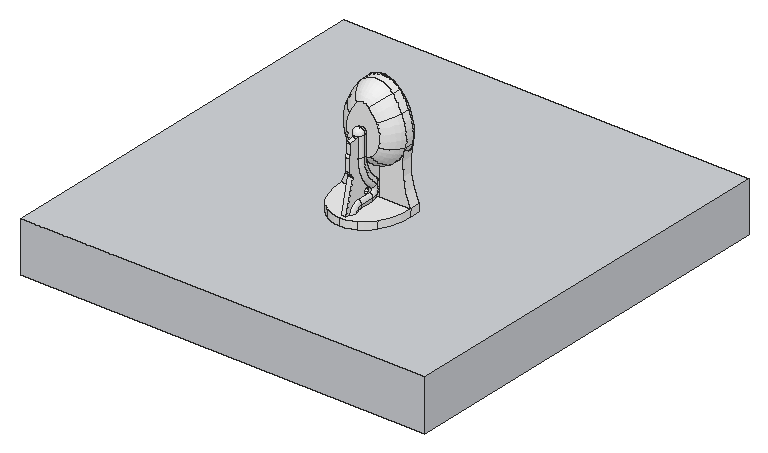
Revit family
Parameters (values of type "Vitreous_China-0-White")
  Width = 1' - 4 1/2"
  Waste Connection = yes
  Valve Pressure Drop = 0.00 psi
  URL = "http://www.us.kohler.com"
  Top of Toilet to Finished Floor = 1' - 3"
  Spud = Chrome-Kohler-CP-Polished
  Seat = "Order Separately"  # constant formula
  Sanitary Radius = 1 1/4"
  Sanitary Diameter = Sanitary Radius * 2  # 2 1/2"
  Sanitary Connector = "Sanitary Connection"  # constant formula
  Product Page URL = "http://www.us.kohler.com/onlinecatalog/detail.jsp?prod_num=4323-L"
  Product Documentation Link = "http://www.us.kohler.com/onlinecatalog/pdf/1119268_4.pdf"
  Model = "K-4323-L"  # constant formula
  Manufacturer = "Kohler"  # constant formula
  Length = 2' - 2 1/2"
  Height = 1' - 1 1/4"
  Flush Rate = 1.28 GPM
  Finish = Vitreous_China-Kohler-0-White
  Description = "Kingston™ 1.28 Toilet Bowl with Rear Spud and bedpan lugs\r\n"  # constant formula
  Default Elevation = 0' - 0"
  Created By = "http://www.medialab3dstudio.com/"
  Cold Water Radius = 3/4"
  Cold Water Diameter = Cold Water Radius * 2  # 1 1/2"
  Cold Water Connector = "Cold Water Connector"  # constant formula
  CWFU = 0
  CW Connection = yes
  Assembly Code = "D2010110"
  Actual Valve Water Flow = 0 GPM
  ADA Compliant = yes
Reference planes (in)
  plane 1 "Top": y = 0
  plane 2 "Back": z = 0
  plane 3 "Center (Left/Right)": x = 0
  plane 4 "Left": x = -8.25
  plane 5 "Right": x = 8.25
  plane 6 "Center (Top/Bottom)": y = -6.625
  plane 7 "Bottom of Toilet": y = -13.25
  plane 8 "Front": z = 26.5625
  plane 9 "Center (Front/Back)": z = 13.3125
  plane 10 "Toilet Offset": z = 0.0625
  plane 11: y = -6.28121
  plane 12: y = -6.14168
  plane 13: z = 23.3296
  plane 14: z = 20.39426
  plane 15: z = 14.67575
  plane 16: z = 11.23743
  plane 17: x = -2.30359
  plane 18: x = 2.30359
  plane 19: x = -4.20983
  plane 20: x = 4.20983
  plane 21: x = -4.81086
  plane 22: x = 4.81086
  plane 23: x = -2.31278
  plane 24: x = 2.31278
  plane 25: z = 14.24386
  plane 26: z = 1.6875
  plane 27: y = -2.30334
  plane 28: y = 1.71956
  plane 29: x = -1
  plane 30: x = -0.5
  plane 31: x = 0.5
  plane 32: x = 1
  plane 33: y = 0.71956
  plane 34: y = 1.21956
  plane 35: y = 2.21956
  plane 36: y = 2.71956
  plane 37: z = -0.79878
  plane 38: z = -1.39323
  plane 39: z = -1.92448
  plane 40: x = -2.09693
  plane 41: y = 1.54122
  plane 42: x = -0.5
  plane 43: x = 0.5
  plane 44: y = -7.48796
  plane 45: z = 17.22993
  plane 46: y = -12.3124
  plane 47: x = -6.27859
  plane 48: x = -3.62694
  plane 49: x = 3.62694
  plane 50: x = 6.27859
  plane 51: y = -9.66075
  plane 52: x = 6.72668
  plane 53: x = -6.72668
  plane 54: y = 3.62878
  plane 55: z = 9.08201
  plane 56: z = 8.5634
  plane 57: z = 9.86879
  plane 58: z = 10.33642
  plane 59: z = 13.98218
  plane 60: z = 16.39735
  plane 61: z = 16.49937
  plane 62: z = 17.22993
  plane 63: z = 11.78462
  plane 64: y = -5.87419
  plane 65: z = 4.40794
  plane 66: y = -12.1155
  plane 67: y = -10.10687
  plane 68: y = -10.2456
  plane 69: y = -10.42442
  plane 70: y = -10.89667
  plane 71: y = -10.51003
  plane 72: z = 1.1875
  plane 73: z = 2.6875
  plane 74: z = 5.36778
  plane 75: z = 12.65074
  plane 76: y = -7.48796
  plane 77: y = -3.88771
  plane 78: y = -5.12344
  plane 79: y = -8.5
  plane 80: y = -10
  plane 81: y = -10
  plane 82: z = 17.22993
  plane 83: y = -8.73796
  plane 84: y = -6.23796
  plane 85: x = -1.25
  plane 86: x = 1.25
  plane 87: x = 1
  plane 88: x = 0.75
  plane 89: x = -0.75
  plane 90: x = -1
  plane 91: x = -1.25
  plane 92: x = -0.32597
  plane 93: x = 0.32597
  plane 94: z = 26.46032
  plane 95: z = 23.23909
  plane 96: z = 17.5559
  plane 97: z = 16.49937
  plane 98: z = 16.39735
  plane 99: z = 26.222
  plane 100: x = -6.86529
  plane 101: x = -7.22069
  plane 102: x = -7.11861
  plane 103: x = -3.89721
  plane 104: x = 3.89721
  plane 105: x = 7.11861
  plane 106: x = 7.22069
  plane 107: x = 6.86529
  plane 108: y = -0.3554
  plane 109: x = -4.0527
  plane 110: x = -4.11543
  plane 111: x = -4.21925
  plane 112: x = -5.1097
  plane 113: x = -4.20482
  plane 114: x = -6.17578
  plane 115: z = 12.24626
  plane 116: z = 11.87159
  plane 117: z = 12.46397
  plane 118: z = 12.907
  plane 119: z = 12.77851
  plane 120: z = 13.3069
  plane 121: x = 4.0527
  plane 122: x = 4.11543
  plane 123: x = 4.21925
  plane 124: x = 5.1097
  plane 125: x = 4.20482
  plane 126: x = 6.17578
  plane 127: z = 12.24626
  plane 128: z = 11.87159
  plane 129: z = 12.46397
  plane 130: z = 12.907
  plane 131: z = 12.77851
  plane 132: z = 13.3069
  plane 133: y = -0.71872
  plane 134: y = -2.71254
  plane 135: z = 14.79962
  plane 136: z = 20.02508
  plane 137: y = 0.46956
  plane 138: y = 0.71956
  plane 139: y = 0.96956
  plane 140: y = 2.46956
  plane 141: y = 2.71956
  plane 142: y = 2.96956
  plane 143: z = 2.14995
  plane 144 "Bottom": y = -15
Forms (in)
  Extrusion 1, solid
    sketch origin (0, 0, 0) x (1, 0, 0) y (0, 1, 0)
      loop
        line (-48, 48) -> (-48, -48) -> (48, -48) -> (48, 48) -> (-48, 48)
    from 0 to -12
  Sweep 2, solid, material "Vitreous_China-Kohler-0-White" <- "Finish"
    path origin (0, 0, -0.29434) x (1, 0, 0) y (0, 0, 1)
      loop
        arc (4.81086, 14.9701) -> (4.98123, 17.87884) -> (4.20983, 20.6886) r 8.96533
        arc (4.20983, 20.6886) -> (3.36315, 22.22539) -> (2.30359, 23.62395) r 12.12865
        arc (2.30359, 23.62395) -> (0, 24.66657) -> (-2.30359, 23.62395) r 3.06609
        arc (-2.30359, 23.62395) -> (-3.36315, 22.22539) -> (-4.20983, 20.6886) r 12.12865
        arc (-4.20983, 20.6886) -> (-4.98123, 17.87884) -> (-4.81086, 14.9701) r 8.96533
        arc (-4.81086, 14.9701) -> (-3.91621, 12.99345) -> (-2.31278, 11.53178) r 5.37321
        arc (-2.31278, 11.53178) -> (0, 10.89681) -> (2.31278, 11.53178) r 4.5295
        arc (2.31278, 11.53178) -> (3.91621, 12.99345) -> (4.81086, 14.9701) r 5.37321
    profile origin (4.98123, 0, 17.5845) x (-0.994522, 0, -0.104528) y (0, -1, 0)
      loop
        line (-1.83672, 0) -> (-0.46172, 0)
        arc (-0.46172, 0) -> (-0.37333, 0.03661) -> (-0.33672, 0.125) r 0.125
        line (-0.33672, 0.125) -> (-0.33672, 0.5) -> (-0.46172, 0.5) -> (-0.46172, 0.1243) -> (-1.83685, 0.1243)
        arc (-1.83685, 0.1243) -> (-1.99817, 0.19112) -> (-2.06499, 0.35244) r 0.22814
        line (-2.06499, 0.35244) -> (-1.96389, 2.28462)
        arc (-1.96389, 2.28462) -> (-0.83518, 4.55024) -> (1.13314, 6.14168) r 5.95017
        line (1.13314, 6.14168) -> (1.13314, 6.28121)
        arc (1.13314, 6.28121) -> (-0.91686, 4.64808) -> (-2.08808, 2.30334) r 6.07517
        line (-2.08808, 2.30334) -> (-2.19027, 0.35355)
        arc (-2.19027, 0.35355) -> (-2.08672, 0.10355) -> (-1.83672, 0) r 0.35355
  Extrusion 3, solid, material "Vitreous_China-Kohler-0-White" <- "Finish"
    sketch origin (0, 0, 0) x (1, 0, 0) y (0, 0, 1)
      loop
        arc (-1.45225, 22.58179) -> (-2.41282, 21.3139) -> (-3.18039, 19.92068) r 10.99551
        arc (-3.18039, 19.92068) -> (-3.8543, 17.46605) -> (-3.70547, 14.92495) r 7.83219
        arc (-3.70547, 14.92495) -> (-2.99949, 13.36515) -> (-1.73419, 12.21172) r 4.24007
        arc (-1.73419, 12.21172) -> (0, 11.73561) -> (1.73419, 12.21172) r 3.39636
        arc (1.73419, 12.21172) -> (2.99949, 13.36515) -> (3.70547, 14.92495) r 4.24007
        arc (3.70547, 14.92495) -> (3.8543, 17.46605) -> (3.18039, 19.92068) r 7.83219
        arc (3.18039, 19.92068) -> (2.41282, 21.3139) -> (1.45225, 22.58179) r 10.99551
        arc (1.45225, 22.58179) -> (0, 23.23909) -> (-1.45225, 22.58179) r 1.93296
    from 6.14168 to 6.28121
  Extrusion 4, solid, material "Vitreous_China-Kohler-0-White" <- "Finish"
    sketch origin (0, 0, 0) x (1, 0, 0) y (0, 0, 1)
      loop
        arc (3.31555, 9.54884) -> (0, 8.63858) -> (-3.31555, 9.54884) r 6.49339
        arc (-3.31555, 9.54884) -> (-5.50504, 11.54476) -> (-6.72668, 14.24386) r 7.3371
        arc (-6.72668, 14.24386) -> (-6.40271, 7.83398) -> (-8.25, 1.6875) r 18.8332
        line (-8.25, 1.6875) -> (-8.25, 0.0625) -> (8.25, 0.0625) -> (8.25, 1.6875)
        arc (8.25, 1.6875) -> (6.40271, 7.83398) -> (6.72668, 14.24386) r 18.8332
        arc (6.72668, 14.24386) -> (5.50504, 11.54476) -> (3.31555, 9.54884) r 7.3371
    from 0 to 2.30334
  Extrusion 5, solid, material "Vitreous_China-Kohler-0-White" <- "Finish"
    sketch origin (0, 0, 0) x (1, 0, 0) y (0, 1, 0)
      loop
        arc (-8.25, -2.30334) -> (-7.7394, -6.10935) -> (-6.27859, -9.66075) r 14.99019
        arc (-6.27859, -9.66075) -> (-5.13063, -11.16444) -> (-3.62694, -12.3124) r 7.11394
        arc (-3.62694, -12.3124) -> (-1.87308, -13.01181) -> (0, -13.25) r 7.48388
        arc (0, -13.25) -> (1.87308, -13.01181) -> (3.62694, -12.3124) r 7.48388
        arc (3.62694, -12.3124) -> (5.13063, -11.16444) -> (6.27859, -9.66075) r 7.11394
        arc (6.27859, -9.66075) -> (7.7394, -6.10935) -> (8.25, -2.30334) r 14.99019
        line (8.25, -2.30334) -> (-8.25, -2.30334)
    from 0.0625 to 1.6875
  Extrusion 6, solid, material "Chrome-Kohler-CP-Polished" <- "Spud"
    sketch origin (0, 0, 0) x (1, 0, 0) y (0, 1, 0)
      loop
        arc (-0.75, 1.71956) -> (-0.53033, 1.18923) -> (0, 0.96956) r 0.75
        arc (0, 0.96956) -> (0.53033, 1.18923) -> (0.75, 1.71956) r 0.75
        arc (0.75, 1.71956) -> (0.53033, 2.24989) -> (0, 2.46956) r 0.75
        arc (0, 2.46956) -> (-0.53033, 2.24989) -> (-0.75, 1.71956) r 0.75
    from -1.92448 to -1.39323
  Extrusion 7, solid, material "Chrome-Kohler-CP-Polished" <- "Spud"
    sketch origin (0, 0, 0) x (1, 0, 0) y (0, 1, 0)
      loop
        line (0.5, 2.71956) -> (-0.5, 2.71956) -> (-1, 2.21956) -> (-1, 1.21956) -> (-0.5, 0.71956) -> (0.5, 0.71956) -> (1, 1.21956) -> (1, 2.21956) -> (0.5, 2.71956)
    from -1.39323 to -0.79878
  Extrusion 8, solid, material "Chrome-Kohler-CP-Polished" <- "Spud"
    sketch origin (0, 0, 0) x (1, 0, 0) y (0, 1, 0)
      loop
        arc (-1.25, 1.71956) -> (-0.88388, 0.83568) -> (0, 0.46956) r 1.25
        arc (0, 0.46956) -> (0.88388, 0.83568) -> (1.25, 1.71956) r 1.25
        arc (1.25, 1.71956) -> (0.88388, 2.60344) -> (0, 2.96956) r 1.25
        arc (0, 2.96956) -> (-0.88388, 2.60344) -> (-1.25, 1.71956) r 1.25
    from -0.79878 to 0.0625
  Revolve 9, solid, material "Vitreous_China-Kohler-0-White" <- "Finish"
    sketch origin (0, 0, 0.0625) x (1, 0, 0) y (0, 1, 0)
      loop
        line (0, 0) -> (0, 3.62878)
        arc (0, 3.62878) -> (-1.48218, 3.02066) -> (-2.09693, 1.54122) r 2.08758
        line (-2.09693, 1.54122) -> (-2.09693, 0) -> (0, 0)
      axis (0, 3.62878) -> (0, 0)
    angle from 0 to -180
  Extrusion 10, solid, material "Vitreous_China-Kohler-0-White" <- "Finish"
    sketch origin (0, 0, 0) x (0, 1, 0) y (0, 0, 1)
      loop
        line (-12.1155, 1.6875) -> (-2.30334, 1.6875) -> (-2.30334, 8.5634)
        arc (-2.30334, 8.5634) -> (-4.64024, 9.7443) -> (-6.28121, 11.78462) r 6.19947
        line (-6.28121, 11.78462) -> (-6.28121, 17.22993) -> (-10.42442, 16.49937)
        arc (-10.42442, 16.49937) -> (-10.48579, 16.46393) -> (-10.51003, 16.39735) r 0.10359
        line (-10.51003, 16.39735) -> (-10.51003, 13.98218)
        arc (-10.51003, 13.98218) -> (-10.7933, 13.69927) -> (-10.89667, 13.3125) r 0.77158
        line (-10.89667, 13.3125) -> (-10.89667, 10.33642)
        arc (-10.89667, 10.33642) -> (-10.7597, 10.00576) -> (-10.42904, 9.86879) r 0.46763
        line (-10.42904, 9.86879) -> (-10.2456, 9.86879)
        arc (-10.2456, 9.86879) -> (-10.1998, 9.47125) -> (-10.10687, 9.08201) r 3.3458
        line (-10.10687, 9.08201) -> (-12.1155, 1.6875)
      loop
        arc (-6.62419, 4.40794) -> (-6.40452, 3.87761) -> (-5.87419, 3.65794) r 0.75
        arc (-5.87419, 3.65794) -> (-5.34386, 3.87761) -> (-5.12419, 4.40794) r 0.75
        arc (-5.12419, 4.40794) -> (-5.34386, 4.93827) -> (-5.87419, 5.15794) r 0.75
        arc (-5.87419, 5.15794) -> (-6.40452, 4.93827) -> (-6.62419, 4.40794) r 0.75
    from -0.5 to 0.5
  Sweep 11, solid, material "Vitreous_China-Kohler-0-White" <- "Finish"
    path origin (0, 0, 0) x (0, 1, 0) y (0, 0, 1)
      loop
        line (-10, 0) -> (-10, 1.1875)
        arc (-10, 1.1875) -> (-9.56066, 2.24816) -> (-8.5, 2.6875) r 1.5
        line (-8.5, 2.6875) -> (-5.12344, 2.6875)
        arc (-5.12344, 2.6875) -> (-3.64773, 3.63213) -> (-3.88771, 5.36778) r 1.625
        arc (-3.88771, 5.36778) -> (-6.53875, 8.58862) -> (-7.48796, 12.65074) r 9.16651
        line (-7.48796, 12.65074) -> (-7.48796, 17.22993)
    profile origin (0, -10, 0.59375) x (0, -1, 0) y (1, 0, 0)
      loop
        arc (0, -1.25) -> (0.88388, -0.88388) -> (1.25, 0) r 1.25
        arc (1.25, 0) -> (0.88388, 0.88388) -> (0, 1.25) r 1.25
        arc (0, 1.25) -> (-0.88388, 0.88388) -> (-1.25, 0) r 1.25
        arc (-1.25, 0) -> (-0.88388, -0.88388) -> (0, -1.25) r 1.25
  Revolve 12, solid, material "Vitreous_China-Kohler-0-White" <- "Finish"
    sketch origin (0, 0, 17.22993) x (1, 0, 0) y (0, 1, 0)
      loop
        arc (0, -6.23796) -> (-0.88388, -6.60408) -> (-1.25, -7.48796) r 1.25
        arc (-1.25, -7.48796) -> (-0.88388, -8.37184) -> (0, -8.73796) r 1.25
        line (0, -8.73796) -> (0, -6.23796)
      axis (0, -6.23796) -> (0, -8.73796)
    angle from 0 to -180
  Extrusion 13, solid, material "Vitreous_China-Kohler-0-White" <- "Finish"
    sketch origin (-0.39767, -11.95076, 10.83251) x (-0.99863, 0, -0.052336) y (-0.050553, -0.258819, 0.964602)
      loop
        line (3.72794, 1.6679) -> (5.71581, 1.38734)
        arc (5.71581, 1.38734) -> (5.70981, 4.03663) -> (4.98564, 6.58503) r 9.67831
        arc (4.98564, 6.58503) -> (4.9755, 4.84829) -> (4.75953, 3.125) r 14.62374
        arc (4.75953, 3.125) -> (4.69519, 2.95311) -> (4.57608, 2.81348) r 0.52991
        line (4.57608, 2.81348) -> (3.70778, 2.35179)
        arc (3.70778, 2.35179) -> (3.64268, 2.2942) -> (3.61082, 2.21332) r 0.18617
        line (3.61082, 2.21332) -> (3.56464, 1.88474)
        arc (3.56464, 1.88474) -> (3.6014, 1.74251) -> (3.72794, 1.6679) r 0.192
    from 11.32856 to 12
  Extrusion 14, solid, material "Vitreous_China-Kohler-0-White" <- "Finish"
    sketch origin (0.39767, -11.95076, 10.83251) x (0.99863, 0, -0.052336) y (-0.050553, 0.258819, -0.964602)
      loop
        arc (3.72794, -1.6679) -> (3.6014, -1.74251) -> (3.56464, -1.88474) r 0.192
        line (3.56464, -1.88474) -> (3.61082, -2.21332)
        arc (3.61082, -2.21332) -> (3.64268, -2.2942) -> (3.70778, -2.35179) r 0.18617
        line (3.70778, -2.35179) -> (4.57608, -2.81348)
        arc (4.57608, -2.81348) -> (4.69519, -2.95311) -> (4.75953, -3.125) r 0.52991
        arc (4.75953, -3.125) -> (4.9755, -4.84829) -> (4.98564, -6.58503) r 14.62374
        arc (4.98564, -6.58503) -> (5.70981, -4.03663) -> (5.71581, -1.38734) r 9.67831
        line (5.71581, -1.38734) -> (3.72794, -1.6679)
    from 11.32856 to 12
Cuts and joins
  joined: Sweep 2, Extrusion 3
Lines and regions (in)
  Masking region 1, detail levels coarse
    outline origin (0, 0, 0) x (1, 0, 0) y (0, 0, 1)
      loop
        line (8.25, 26.5625) -> (-8.25, 26.5625) -> (-8.25, 0.0625) -> (8.25, 0.0625) -> (8.25, 26.5625)
  Masking region 2, detail levels medium+fine
    outline origin (0, -6.625, 0) x (1, 0, 0) y (0, 0, 1)
      loop
        arc (5.99398, 21.21503) -> (5.01021, 23.00066) -> (3.77908, 24.62567) r 14.09254
        arc (3.77908, 24.62567) -> (0, 26.33612) -> (-3.77908, 24.62567) r 5.02999
        arc (-3.77908, 24.62567) -> (-5.01021, 23.00066) -> (-5.99398, 21.21503) r 14.09254
        arc (-5.99398, 21.21503) -> (-6.93437, 17.78978) -> (-6.72668, 14.24386) r 10.92922
        arc (-6.72668, 14.24386) -> (-6.40271, 7.83398) -> (-8.25, 1.6875) r 18.8332
        line (-8.25, 1.6875) -> (-8.25, 0.0625) -> (-1.25, 0.0625) -> (-1.25, -0.79878) -> (-1, -0.79878) -> (-1, -1.39323) -> (-0.75, -1.39323) -> (-0.75, -1.92448) -> (0.75, -1.92448) -> (0.75, -1.39323) -> (1, -1.39323) -> (1, -0.79878) -> (1.25, -0.79878) -> (1.25, 0.0625) -> (8.25, 0.0625) -> (8.25, 1.6875)
        arc (8.25, 1.6875) -> (6.40271, 7.83398) -> (6.72668, 14.24386) r 18.8332
        arc (6.72668, 14.24386) -> (6.93437, 17.78978) -> (5.99398, 21.21503) r 10.92922
  Masking region 3, detail levels fine
    outline origin (0, 0, 0) x (1, 0, 0) y (0, 0, 1)
      loop
        arc (4.51572, 20.53498) -> (3.64554, 22.11444) -> (2.55657, 23.55182) r 12.46536
        arc (2.55657, 23.55182) -> (0, 24.70895) -> (-2.55657, 23.55182) r 3.40281
        arc (-2.55657, 23.55182) -> (-3.64554, 22.11444) -> (-4.51572, 20.53498) r 12.46536
        arc (-4.51572, 20.53498) -> (-5.3161, 17.61969) -> (-5.13934, 14.60171) r 9.30205
        arc (-5.13934, 14.60171) -> (-4.18862, 12.50119) -> (-2.48471, 10.94792) r 5.70992
        arc (-2.48471, 10.94792) -> (0, 10.26575) -> (2.48471, 10.94792) r 4.86621
        arc (2.48471, 10.94792) -> (4.18862, 12.50119) -> (5.13934, 14.60171) r 5.70992
        arc (5.13934, 14.60171) -> (5.3161, 17.61969) -> (4.51572, 20.53498) r 9.30205
  Masking region 4, detail levels fine
    outline origin (0, 0, 0) x (1, 0, 0) y (0, 0, 1)
      loop
        arc (1.45225, 22.58179) -> (0, 23.23909) -> (-1.45225, 22.58179) r 1.93296
        arc (-1.45225, 22.58179) -> (-2.41282, 21.3139) -> (-3.18039, 19.92068) r 10.99551
        arc (-3.18039, 19.92068) -> (-3.8543, 17.46605) -> (-3.70547, 14.92495) r 7.83219
        arc (-3.70547, 14.92495) -> (-2.99949, 13.36515) -> (-1.73419, 12.21172) r 4.24007
        arc (-1.73419, 12.21172) -> (0, 11.73561) -> (1.73419, 12.21172) r 3.39636
        arc (1.73419, 12.21172) -> (2.99949, 13.36515) -> (3.70547, 14.92495) r 4.24007
        arc (3.70547, 14.92495) -> (3.8543, 17.46605) -> (3.18039, 19.92068) r 7.83219
        arc (3.18039, 19.92068) -> (2.41282, 21.3139) -> (1.45225, 22.58179) r 10.99551
  Masking region 5, detail levels coarse
    outline origin (0, 0, 0) x (1, 0, 0) y (0, 1, 0)
      loop
        line (-8.25, 0) -> (-8.25, -13.25) -> (8.25, -13.25) -> (8.25, 0) -> (-8.25, 0)
  Masking region 6, detail levels medium+fine
    outline origin (0, 0, 13.3125) x (-1, 0, 0) y (0, -1, 0)
      loop
        arc (6.27859, 9.66075) -> (5.13063, 11.16444) -> (3.62694, 12.3124) r 7.11394
        arc (3.62694, 12.3124) -> (1.87308, 13.01181) -> (0, 13.25) r 7.48388
        arc (0, 13.25) -> (-1.87308, 13.01181) -> (-3.62694, 12.3124) r 7.48388
        arc (-3.62694, 12.3124) -> (-5.13063, 11.16444) -> (-6.27859, 9.66075) r 7.11394
        arc (-6.27859, 9.66075) -> (-7.7394, 6.10935) -> (-8.25, 2.30334) r 14.99019
        line (-8.25, 2.30334) -> (-8.25, 0) -> (-2.09693, 0) -> (-2.09693, -1.54122)
        arc (-2.09693, -1.54122) -> (-1.48218, -3.02066) -> (0, -3.62878) r 2.08758
        arc (0, -3.62878) -> (1.48218, -3.02066) -> (2.09693, -1.54122) r 2.08758
        line (2.09693, -1.54122) -> (2.09693, 0) -> (8.25, 0) -> (8.25, 2.30334)
        arc (8.25, 2.30334) -> (7.7394, 6.10935) -> (6.27859, 9.66075) r 14.99019
  Masking region 7, detail levels fine
    outline origin (0, 0, 26.5625) x (-1, 0, 0) y (0, -1, 0)
      loop
        line (7.22069, 0.3554) -> (7.11861, 2.30334)
        arc (7.11861, 2.30334) -> (5.94543, 4.6466) -> (3.89721, 6.28121) r 6.09873
        line (3.89721, 6.28121) -> (-3.89721, 6.28121)
        arc (-3.89721, 6.28121) -> (-5.94543, 4.6466) -> (-7.11861, 2.30334) r 6.09873
        line (-7.11861, 2.30334) -> (-7.22069, 0.3554)
        arc (-7.22069, 0.3554) -> (-7.1166, 0.10409) -> (-6.86529, 0) r 0.3554
        line (-6.86529, 0) -> (6.86529, 0)
        arc (6.86529, 0) -> (7.1166, 0.10409) -> (7.22069, 0.3554) r 0.3554
  Masking region 8, detail levels fine
    outline origin (0, 0, 26.5625) x (-1, 0, 0) y (0, -1, 0)
      loop
        arc (0, 8.73796) -> (-0.88388, 8.37184) -> (-1.25, 7.48796) r 1.25
        arc (-1.25, 7.48796) -> (-0.99246, 6.72802) -> (-0.32597, 6.28121) r 1.25
        line (-0.32597, 6.28121) -> (0.32597, 6.28121)
        arc (0.32597, 6.28121) -> (0.99246, 6.72802) -> (1.25, 7.48796) r 1.25
        arc (1.25, 7.48796) -> (0.88388, 8.37184) -> (0, 8.73796) r 1.25
  Masking region 9, detail levels fine
    outline origin (0, 0, 0) x (1, 0, 0) y (0, 1, 0)
      loop
        arc (-0.75, 1.71956) -> (-0.53033, 1.18923) -> (0, 0.96956) r 0.75
        arc (0, 0.96956) -> (0.53033, 1.18923) -> (0.75, 1.71956) r 0.75
        arc (0.75, 1.71956) -> (0.53033, 2.24989) -> (0, 2.46956) r 0.75
        arc (0, 2.46956) -> (-0.53033, 2.24989) -> (-0.75, 1.71956) r 0.75
  Masking region 10, detail levels fine
    outline origin (0, 0, 0) x (1, 0, 0) y (0, 1, 0)
      loop
        line (-1, 2.21956) -> (-1, 1.21956) -> (-0.5, 0.71956) -> (0.5, 0.71956) -> (1, 1.21956) -> (1, 2.21956) -> (0.5, 2.71956) -> (-0.5, 2.71956) -> (-1, 2.21956)
  Masking region 11, detail levels fine
    outline origin (0, 0, 0) x (1, 0, 0) y (0, 1, 0)
      loop
        arc (0, 2.96956) -> (-0.88388, 2.60344) -> (-1.25, 1.71956) r 1.25
        arc (-1.25, 1.71956) -> (-0.88388, 0.83568) -> (0, 0.46956) r 1.25
        arc (0, 0.46956) -> (0.88388, 0.83568) -> (1.25, 1.71956) r 1.25
        arc (1.25, 1.71956) -> (0.88388, 2.60344) -> (0, 2.96956) r 1.25
  Masking region 12, detail levels medium+fine
    outline origin (0, 0, 0) x (0, 1, 0) y (0, 0, 1)
      loop
        arc (-10.2456, 9.86879) -> (-10.1998, 9.47125) -> (-10.10687, 9.08201) r 3.3458
        line (-10.10687, 9.08201) -> (-12.1155, 1.6875) -> (-13.25, 1.6875) -> (-13.25, 0.0625) -> (0.46956, 0.0625) -> (0.46956, -0.79878) -> (0.71956, -0.79878) -> (0.71956, -1.39323) -> (0.96956, -1.39323) -> (0.96956, -1.92448) -> (2.46956, -1.92448) -> (2.46956, -1.39323) -> (2.71956, -1.39323) -> (2.71956, -0.79878) -> (2.96956, -0.79878) -> (2.96956, 0.0625) -> (3.6288, 0.0625)
        arc (3.6288, 0.0625) -> (3.08703, 1.48383) -> (1.71956, 2.14995) r 2.06766
        line (1.71956, 2.14995) -> (0, 2.14995) -> (0, 26.222)
        arc (0, 26.222) -> (-0.10437, 26.46743) -> (-0.35355, 26.5625) r 0.34074
        line (-0.35355, 26.5625) -> (-2.30334, 26.46032)
        arc (-2.30334, 26.46032) -> (-4.64733, 25.28816) -> (-6.28121, 23.23909) r 6.0869
        line (-6.28121, 23.23909) -> (-6.28121, 17.5559)
        arc (-6.28121, 17.5559) -> (-7.65238, 18.46907) -> (-8.73796, 17.22993) r 1.25
        line (-8.73796, 17.22993) -> (-8.73796, 16.79674) -> (-10.42442, 16.49937)
        arc (-10.42442, 16.49937) -> (-10.48579, 16.46393) -> (-10.51003, 16.39735) r 0.10359
        line (-10.51003, 16.39735) -> (-10.51003, 13.98218)
        arc (-10.51003, 13.98218) -> (-10.7933, 13.69927) -> (-10.89667, 13.3125) r 0.77158
        line (-10.89667, 13.3125) -> (-10.89667, 10.33642)
        arc (-10.89667, 10.33642) -> (-10.7597, 10.00576) -> (-10.42904, 9.86879) r 0.46763
        line (-10.42904, 9.86879) -> (-10.2456, 9.86879)
  Masking region 13, detail levels coarse
    outline origin (0, 0, 0) x (0, 1, 0) y (0, 0, 1)
      loop
        line (-13.25, 26.5625) -> (-13.25, 0.0625) -> (0, 0.0625) -> (0, 26.5625) -> (-13.25, 26.5625)
  Masking region 14, detail levels fine
    outline origin (0, 0, 0) x (1, 0, 0) y (0, 0, 1)
      loop
        arc (2.09693, 0.0625) -> (0, 2.15943) -> (-2.09693, 0.0625) r 2.09693
        line (-2.09693, 0.0625) -> (2.09693, 0.0625)
  Masking region 15, detail levels fine
    outline origin (0, 0, 0) x (1, 0, 0) y (0, 1, 0)
      loop
        arc (-1.25, -10) -> (-0.88388, -10.88388) -> (0, -11.25) r 1.25
        arc (0, -11.25) -> (0.88388, -10.88388) -> (1.25, -10) r 1.25
        arc (1.25, -10) -> (0.88388, -9.11612) -> (0, -8.75) r 1.25
        arc (0, -8.75) -> (-0.88388, -9.11612) -> (-1.25, -10) r 1.25
  symbolic lines, style "Masking Lines", detail levels fine
    curve 1: line (-1, 0, -0.79878) -> (1, 0, -0.79878)
    curve 2: line (-0.75, 0, -1.39323) -> (0.75, 0, -1.39323)
    curve 3: line (0.5, 0, -1.39323) -> (0.5, 0, -0.79878)
    curve 4: line (-0.5, 0, -1.39323) -> (-0.5, 0, -0.79878)
    curve 5: line (-1.25, 0, 0) -> (1.25, 0, 0)
    curve 6: line (-0.5, -8.63361, 26.5625) -> (-0.5, -12.1155, 26.5625)
    curve 7: line (-0.5, -12.1155, 26.5625) -> (0.5, -12.1155, 26.5625)
    curve 8: line (0.5, -12.1155, 26.5625) -> (0.5, -8.63361, 26.5625)
    curve 9: line (0.5, -10.51003, 26.5625) -> (-0.5, -10.51003, 26.5625)
    curve 10: line (0.5, -10.89667, 26.5625) -> (-0.5, -10.89667, 26.5625)
    curve 11: line (-0.5, -6.28121, 26.5625) -> (-0.5, -6.35356, 26.5625)
    curve 12: line (0.5, -6.28121, 26.5625) -> (0.5, -6.35363, 26.5625)
    curve 13: line (-1.25, 0, 0.0625) -> (1.25, 0, 0.0625)
    curve 14: arc (-0.5, -11.14564, 26.5625) -> (-1.04583, -10.68465, 26.5625) -> (-1.25, -10, 26.5625) r 1.25
    curve 15: arc (1.25, -10, 26.5625) -> (1.04583, -10.68465, 26.5625) -> (0.5, -11.14564, 26.5625) r 1.25
    curve 16: line (-1.25, -6.28121, 26.5625) -> (-1.25, -10, 26.5625)
    curve 17: line (1.25, -6.28121, 26.5625) -> (1.25, -10, 26.5625)
    curve 18: line (0, -12.1155, 1.6875) -> (0, -2.30334, 1.6875)
    curve 19: arc (0, -11.19895, 1.6875) -> (0, -10.30593, 3.26807) -> (0, -8.61646, 3.93243) r 2.71475
    curve 20: line (0, -8.61646, 3.93243) -> (0, -5.11646, 3.93243)
    curve 21: arc (0, -5.11646, 3.93243) -> (0, -4.80004, 4.10837) -> (0, -4.78253, 4.46999) r 0.3725
    curve 22: line (0, -8.73796, 16.79674) -> (0, -8.73796, 12.47176)
    curve 23: arc (0, -8.73796, 12.47176) -> (0, -7.69511, 8.00875) -> (0, -4.78253, 4.46999) r 10.07145
    curve 24: line (0, -6.28121, 17.5559) -> (0, -6.28121, 11.73561)
    curve 25: arc (0, -6.28121, 11.73561) -> (0, -4.64808, 9.68561) -> (0, -2.30334, 8.51439) r 6.07515
    curve 26: line (0, -2.30334, 26.46032) -> (0, -2.30334, 0.0625)
    curve 27: arc (0, -6.14168, 11.46769) -> (0, -5.11484, 8.56795) -> (0, -3.04163, 6.29535) r 7.75699
    curve 28: arc (0, -3.04163, 6.29535) -> (0, -2.57747, 5.65161) -> (0, -2.30334, 4.90682) r 2.92652
    curve 29: arc (0, -3.94497, 1.6875) -> (0, -2.88776, 2.5097) -> (0, -2.30334, 3.71475) r 2.94843
    curve 30: arc (0, -5.87419, 5.15794) -> (0, -6.40452, 4.93827) -> (0, -6.62419, 4.40794) r 0.75
    curve 31: arc (0, -6.62419, 4.40794) -> (0, -6.58041, 4.15544) -> (0, -6.45418, 3.93243) r 0.75
    curve 32: arc (0, -5.29421, 3.93243) -> (0, -5.16797, 4.15544) -> (0, -5.12419, 4.40794) r 0.75
    curve 33: arc (0, -5.12419, 4.40794) -> (0, -5.34386, 4.93827) -> (0, -5.87419, 5.15794) r 0.75
    curve 34: line (4.3818, 0, 16.00857) -> (5.27225, 0, 16.40847)
    curve 35: spline (4.27797, 0, 15.88008) -> (4.2813, 0, 15.89382) -> (4.28573, 0, 15.90726) -> (4.29124, 0, 15.92032) -> (4.2978, 0, 15.93292) -> (4.30536, 0, 15.94498) -> (4.31388, 0, 15.95642) -> (4.3233, 0, 15.96718) -> (4.33357, 0, 15.97719) -> (4.34463, 0, 15.98639) -> (4.3564, 0, 15.99472) -> (4.36882, 0, 16.00213) -> (4.3818, 0, 16.00857)
    curve 36: line (4.21525, 0, 15.56554) -> (4.27797, 0, 15.88008)
    curve 37: spline (4.20615, 0, 15.392) -> (4.20303, 0, 15.36795) -> (4.20318, 0, 15.34369) -> (4.20661, 0, 15.31966) -> (4.21325, 0, 15.29624) -> (4.22299, 0, 15.27386) -> (4.23567, 0, 15.25288) -> (4.25107, 0, 15.23367) -> (4.26892, 0, 15.21656) -> (4.28893, 0, 15.20184) -> (4.31074, 0, 15.18976) -> (4.33398, 0, 15.18052) -> (4.35827, 0, 15.17429)
    curve 38: line (4.35827, 0, 15.17429) -> (5.18485, 0, 15.00945)
    curve 39: spline (5.27225, 0, 16.40847) -> (5.27947, 0, 16.41373) -> (5.28659, 0, 16.41911) -> (5.29362, 0, 16.4246) -> (5.30055, 0, 16.43022) -> (5.30738, 0, 16.43594) -> (5.31411, 0, 16.44178) -> (5.32073, 0, 16.44773) -> (5.32724, 0, 16.45378) -> (5.33365, 0, 16.45995) -> (5.33994, 0, 16.46622) -> (5.34613, 0, 16.47259) -> (5.35219, 0, 16.47907)
    curve 40: line (4.21525, 0, 15.56554) -> (4.20615, 0, 15.392)
    curve 41: line (-4.3818, 0, 16.00857) -> (-5.27225, 0, 16.40847)
    curve 42: spline (-4.27797, 0, 15.88008) -> (-4.2813, 0, 15.89382) -> (-4.28573, 0, 15.90726) -> (-4.29124, 0, 15.92032) -> (-4.2978, 0, 15.93292) -> (-4.30536, 0, 15.94498) -> (-4.31388, 0, 15.95642) -> (-4.3233, 0, 15.96718) -> (-4.33357, 0, 15.97719) -> (-4.34463, 0, 15.98639) -> (-4.3564, 0, 15.99472) -> (-4.36882, 0, 16.00213) -> (-4.3818, 0, 16.00857)
    curve 43: line (-4.21525, 0, 15.56554) -> (-4.27797, 0, 15.88008)
    curve 44: spline (-4.20615, 0, 15.392) -> (-4.20303, 0, 15.36795) -> (-4.20318, 0, 15.34369) -> (-4.20661, 0, 15.31966) -> (-4.21325, 0, 15.29624) -> (-4.22299, 0, 15.27386) -> (-4.23567, 0, 15.25288) -> (-4.25107, 0, 15.23367) -> (-4.26892, 0, 15.21656) -> (-4.28893, 0, 15.20184) -> (-4.31074, 0, 15.18976) -> (-4.33398, 0, 15.18052) -> (-4.35827, 0, 15.17429)
    curve 45: line (-4.35827, 0, 15.17429) -> (-5.18485, 0, 15.00945)
    curve 46: spline (-5.27225, 0, 16.40847) -> (-5.27947, 0, 16.41373) -> (-5.28659, 0, 16.41911) -> (-5.29362, 0, 16.4246) -> (-5.30055, 0, 16.43022) -> (-5.30738, 0, 16.43594) -> (-5.31411, 0, 16.44178) -> (-5.32073, 0, 16.44773) -> (-5.32724, 0, 16.45378) -> (-5.33365, 0, 16.45995) -> (-5.33994, 0, 16.46622) -> (-5.34613, 0, 16.47259) -> (-5.35219, 0, 16.47907)
    curve 47: line (-4.21525, 0, 15.56554) -> (-4.20615, 0, 15.392)
    curve 48: line (0, 0.46956, 0.0625) -> (0, 2.96956, 0.0625)
    curve 49: line (0, 2.71956, -0.79878) -> (0, 0.71956, -0.79878)
    curve 50: line (0, 0.96956, -1.39323) -> (0, 2.46956, -1.39323)
    curve 51: line (0, 1.21956, -0.79878) -> (0, 1.21956, -1.39323)
    curve 52: line (0, 2.21956, -0.79878) -> (0, 2.21956, -1.39323)
Dimensions and locks (in)
  equal spacing: plane 7 "Bottom of Toilet", plane 6 "Center (Top/Bottom)", plane 1 "Top"
  equal spacing: plane 4 "Left", plane 3 "Center (Left/Right)", plane 5 "Right"
  "Width": plane 4 "Left" to plane 5 "Right"
  "Height": plane 7 "Bottom of Toilet" to plane 1 "Top"
  locked: plane 2 "Back" to plane 10 "Toilet Offset" at 0.0625
  equal spacing: plane 10 "Toilet Offset", plane 9 "Center (Front/Back)", plane 8 "Front"
  "Length": plane 10 "Toilet Offset" to plane 8 "Front"
  plane 4 "Left" to plane 21 to plane 19 to plane 17 = 0' - 3.43914" locked, 0' - 0.60104" locked, 0' - 1 29/32" locked
  plane 18 to plane 20 to plane 22 = 0' - 1 29/32" locked, 0' - 0.60104" locked
  plane 15 to plane 16 to plane 10 "Toilet Offset" = 0' - 3.43832" locked, 0' - 11.17493" locked
  plane 8 "Front" to plane 13 to plane 14 = 0' - 3.2329" locked, 0' - 2.93535" locked
  locked: plane 5 "Right" to plane 24 at 5.93722
  locked: plane 23 to plane 4 "Left" at 5.93722
  plane 10 "Toilet Offset" to plane 25 = 1' - 2.18136"
  locked: plane 10 "Toilet Offset" to plane 26 at 1.625
  locked: plane 1 "Top" to plane 27 at 2.30334
  plane 28 to plane 35 to plane 36 = 0' - 0 1/2" locked, 0' - 0 1/2" locked
  plane 1 "Top" to plane 33 to plane 34 = 0' - 0.71956" locked, 0' - 0 1/2" locked
  plane 31 to plane 32 to plane 5 "Right" = 0' - 0 1/2" locked, 0' - 7 1/4" locked
  plane 4 "Left" to plane 29 to plane 30 = 0' - 7 1/4" locked, 0' - 0 1/2" locked
  locked: plane 28 to plane 1 "Top" at 1.71956  (x2)
  plane 2 "Back" to plane 37 to plane 38 to plane 39 = 0' - 0.79878" locked, 0' - 0.59445" locked, 0' - 0 17/32" locked
  plane 7 "Bottom of Toilet" to plane 46 to plane 51 = 0' - 0.9376" locked, 0' - 2.65165" locked
  plane 4 "Left" to plane 47 to plane 48 = 0' - 1.97141" locked, 0' - 2.65165" locked
  plane 49 to plane 50 to plane 5 "Right" = 0' - 2.65165" locked, 0' - 1.97141" locked
  locked: plane 52 to plane 5 "Right" at 1.52332
  locked: plane 4 "Left" to plane 53 at 1.52332
  locked: plane 40 to plane 3 "Center (Left/Right)" at 2.09693
  plane 1 "Top" to plane 41 to plane 54 = 0' - 1.54122" locked, 0' - 2.08756" locked
  locked: plane 64 to plane 27 at 3.57086
  locked: plane 10 "Toilet Offset" to plane 65 at 4.34544
  plane 10 "Toilet Offset" to plane 56 to plane 55 to plane 57 to plane 58 to plane 63 to plane 59 to plane 60 to plane 61 to plane 62 = 0' - 8.5009" locked, 0' - 0.51862" locked, 0' - 0.78678" locked, 0' - 0.46763" locked, 0' - 1.44819" locked, 0' - 2.19756" locked, 0' - 2.41517" locked, 0' - 0.10202" locked, 0' - 0.73056" locked
  plane 7 "Bottom of Toilet" to plane 66 to plane 70 to plane 71 to plane 69 to plane 68 to plane 67 = 0' - 1.1345" locked, 0' - 1.21883" locked, 0' - 0.38664" locked, 0' - 0.08561" locked, 0' - 0.17883" locked, 0' - 0.13873" locked
  plane 75 to plane 45 to plane 8 "Front" = 0' - 4.57918" locked, 0' - 9.33257" locked
  plane 10 "Toilet Offset" to plane 72 to plane 73 to plane 74 = 0' - 1 1/8" locked, 0' - 1 1/2" locked, 0' - 2.68028" locked
  plane 7 "Bottom of Toilet" to plane 80 to plane 79 to plane 76 = 0' - 3 1/4" locked, 0' - 1 1/2" locked, 0' - 1.01204" locked
  plane 78 to plane 77 to plane 1 "Top" = 0' - 1.23572" locked, 0' - 3.88771" locked
  locked: plane 7 "Bottom of Toilet" to plane 81 at 3.25
  locked: plane 82 to plane 8 "Front" at 9.33257
  locked: plane 85 to plane 3 "Center (Left/Right)" at 1.25
  locked: plane 7 "Bottom of Toilet" to plane 83 at 4.51204
  plane 44 to plane 84 to plane 1 "Top" = 0' - 1 1/4" locked, 0' - 6.23796" locked
  plane 88 to plane 87 to plane 86 to plane 5 "Right" = 0' - 0 1/4" locked, 0' - 0 1/4" locked, 0' - 7" locked
  plane 4 "Left" to plane 91 to plane 90 to plane 89 = 0' - 7" locked, 0' - 0 1/4" locked, 0' - 0 1/4" locked
  locked: plane 4 "Left" to plane 92 at 7.92403
  locked: plane 93 to plane 5 "Right" at 7.92403
  plane 98 to plane 97 to plane 96 to plane 95 to plane 99 to plane 94 to plane 8 "Front" = 0' - 0.10202" locked, 0' - 1.05653" locked, 0' - 5.6832" locked, 0' - 2.98291" locked, 0' - 0.23831" locked, 0' - 0.10218" locked
  plane 4 "Left" to plane 101 to plane 102 to plane 100 to plane 103 = 0' - 1.02931" locked, 0' - 0.10209" locked, 0' - 0.25331" locked, 0' - 2.96809" locked
  plane 104 to plane 107 to plane 105 to plane 106 to plane 5 "Right" = 0' - 2.96809" locked, 0' - 0.25331" locked, 0' - 0.10209" locked, 0' - 1.02931" locked
  locked: plane 108 to plane 1 "Top" at 0.3554
  plane 111 to plane 113 to plane 110 to plane 109 to plane 3 "Center (Left/Right)" = 0' - 0.01444" locked, 0' - 0.08939" locked, 0' - 0.06273" locked, 0' - 4.0527" locked
  plane 4 "Left" to plane 114 to plane 112 = 0' - 2 19/256" locked, 0' - 1.06608" locked
  plane 119 to plane 118 to plane 120 to plane 8 "Front" = 0' - 0.12849" locked, 0' - 0.3999" locked, 1' - 1.2556" locked
  plane 10 "Toilet Offset" to plane 116 to plane 115 to plane 117 = 0' - 11.80909" locked, 0' - 0.37467" locked, 0' - 0.21771" locked
  locked: plane 8 "Front" to plane 136 at 6.53742
  locked: plane 10 "Toilet Offset" to plane 135 at 14.73712
  locked: plane 134 to plane 7 "Bottom of Toilet" at 10.53746
  locked: plane 1 "Top" to plane 133 at 0.71872
  plane 10 "Toilet Offset" to plane 128 to plane 127 to plane 129 = 0' - 11.80909" locked, 0' - 0.37467" locked, 0' - 0.21771" locked
  plane 131 to plane 130 to plane 132 to plane 8 "Front" = 0' - 0.12849" locked, 0' - 0.3999" locked, 1' - 1.2556" locked
  plane 5 "Right" to plane 126 to plane 124 = 0' - 2 19/256" locked, 0' - 1.06608" locked
  plane 123 to plane 125 to plane 122 to plane 121 to plane 4 "Left" = 0' - 0.01444" locked, 0' - 0.08939" locked, 0' - 0.06273" locked, 1' - 0.3027" locked
  locked: plane 10 "Toilet Offset" to plane 143 at 2.08745
  plane 7 "Bottom of Toilet" to plane 137 to plane 138 to plane 139 = 1' - 1.71956" locked, 0' - 0 1/4" locked, 0' - 0 1/4" locked
  plane 1 "Top" to plane 140 to plane 141 to plane 142 = 0' - 2.46956" locked, 0' - 0 1/4" locked, 0' - 0 1/4" locked
  "Top of Toilet to Finished Floor": plane 144 "Bottom" to plane 1 "Top"
  aligned and locked: plane 2 "Back" to Extrusion 1
  aligned and locked: level to Extrusion 1
  aligned and locked: Extrusion 3 sketch curve to Sweep 2  (x8)
  aligned and locked: Extrusion 3 to plane 11
  aligned and locked: plane 12 to Extrusion 3
  aligned and locked: plane 21 to Sweep 2 sketch curve  (x2)
  aligned and locked: plane 19 to Sweep 2 sketch curve  (x2)
  aligned and locked: plane 17 to Sweep 2 sketch curve  (x2)
  aligned and locked: plane 23 to Sweep 2 sketch curve
  aligned and locked: plane 24 to Sweep 2 sketch curve
  aligned and locked: plane 16 to Sweep 2 sketch curve  (x2)
  aligned and locked: plane 15 to Sweep 2 sketch curve  (x2)
  aligned and locked: plane 14 to Sweep 2 sketch curve  (x2)
  aligned and locked: plane 13 to Sweep 2 sketch curve  (x2)
  aligned and locked: plane 22 to Sweep 2 sketch curve
  aligned and locked: plane 20 to Sweep 2 sketch curve
  aligned and locked: plane 18 to Sweep 2 sketch curve
  aligned and locked: Extrusion 4 sketch curve to Sweep 2  (x3)
  aligned and locked: Extrusion 5 to plane 26
  aligned and locked: plane 10 "Toilet Offset" to Extrusion 5
  aligned and locked: Extrusion 4 to plane 1 "Top"
  aligned and locked: plane 27 to Extrusion 4
  aligned and locked: plane 3 "Center (Left/Right)" to Extrusion 6 sketch curve  (x2)
  aligned and locked: plane 28 to Extrusion 6 sketch curve  (x2)
  aligned and locked: Extrusion 7 sketch curve to plane 36
  aligned and locked: plane 35 to Extrusion 7 sketch curve  (x2)
  aligned and locked: plane 34 to Extrusion 7 sketch curve  (x2)
  aligned and locked: Extrusion 7 sketch curve to plane 33
  aligned and locked: plane 29 to Extrusion 7 sketch curve
  aligned and locked: plane 30 to Extrusion 7 sketch curve  (x2)
  aligned and locked: plane 31 to Extrusion 7 sketch curve  (x2)
  aligned and locked: plane 32 to Extrusion 7 sketch curve
  aligned and locked: Extrusion 7 to plane 37
  aligned and locked: plane 38 to Extrusion 7
  aligned and locked: Extrusion 6 to plane 38
  aligned and locked: plane 3 "Center (Left/Right)" to Extrusion 8 sketch curve  (x2)
  aligned and locked: plane 28 to Extrusion 8 sketch curve  (x2)
  aligned and locked: plane 37 to Extrusion 8
  aligned and locked: plane 11 to Sweep 2 sketch curve
  aligned and locked: plane 12 to Sweep 2 sketch curve
  aligned and locked: plane 27 to Sweep 2 sketch curve
  aligned and locked: Sweep 2 sketch curve to plane 1 "Top"
  aligned and locked: plane 10 "Toilet Offset" to Extrusion 4
  aligned and locked: plane 40 to Revolve 9 sketch curve
  aligned and locked: plane 41 to Revolve 9 sketch curve
  aligned and locked: Revolve 9 to plane 10 "Toilet Offset"
  aligned and locked: Extrusion 8 to plane 10 "Toilet Offset"
  aligned and locked: Extrusion 10 to plane 42
  aligned and locked: plane 43 to Extrusion 10
  aligned and locked: plane 47 to Extrusion 5 sketch curve
  aligned and locked: plane 50 to Extrusion 5 sketch curve
  aligned and locked: plane 4 "Left" to Extrusion 5 sketch curve
  aligned and locked: plane 5 "Right" to Extrusion 5 sketch curve
  aligned and locked: plane 27 to Extrusion 5 sketch curve  (x2)
  aligned and locked: plane 51 to Extrusion 5 sketch curve  (x2)
  aligned and locked: plane 3 "Center (Left/Right)" to Extrusion 5 sketch curve
  aligned and locked: plane 7 "Bottom of Toilet" to Extrusion 5 sketch curve
  aligned and locked: plane 46 to Extrusion 5 sketch curve  (x2)
  aligned and locked: plane 49 to Extrusion 5 sketch curve
  aligned and locked: plane 48 to Extrusion 5 sketch curve
  aligned and locked: plane 52 to Extrusion 4 sketch curve
  aligned and locked: Extrusion 4 sketch curve to plane 5 "Right"
  aligned and locked: plane 53 to Extrusion 4 sketch curve
  aligned and locked: Extrusion 4 sketch curve to plane 4 "Left"
  aligned and locked: plane 25 to Extrusion 4 sketch curve  (x2)
  aligned and locked: plane 26 to Extrusion 4 sketch curve  (x2)
  aligned and locked: plane 10 "Toilet Offset" to Extrusion 4 sketch curve
  aligned and locked: plane 1 "Top" to Revolve 9
  aligned and locked: plane 54 to Revolve 9 sketch curve
  aligned and locked: plane 3 "Center (Left/Right)" to Revolve 9 sketch curve  (x2)
  aligned and locked: Revolve 9 sketch curve to plane 1 "Top"
  aligned and locked: Revolve 9 sketch curve to plane 40
  aligned and locked: plane 64 to Extrusion 10 sketch curve  (x2)
  aligned and locked: plane 65 to Extrusion 10 sketch curve  (x2)
  aligned and locked: plane 62 to Extrusion 10 sketch curve
  aligned and locked: plane 61 to Extrusion 10 sketch curve
  aligned and locked: plane 60 to Extrusion 10 sketch curve
  aligned and locked: plane 59 to Extrusion 10 sketch curve
  aligned and locked: plane 9 "Center (Front/Back)" to Extrusion 10 sketch curve
  aligned and locked: plane 63 to Extrusion 10 sketch curve
  aligned and locked: plane 58 to Extrusion 10 sketch curve
  aligned and locked: plane 57 to Extrusion 10 sketch curve  (x2)
  aligned and locked: plane 55 to Extrusion 10 sketch curve
  aligned and locked: plane 56 to Extrusion 10 sketch curve
  aligned and locked: plane 26 to Extrusion 10 sketch curve  (x2)
  aligned and locked: plane 66 to Extrusion 10 sketch curve
  aligned and locked: Extrusion 10 sketch curve to plane 70
  aligned and locked: plane 70 to Extrusion 10 sketch curve
  aligned and locked: plane 71 to Extrusion 10 sketch curve  (x2)
  aligned and locked: plane 69 to Extrusion 10 sketch curve
  aligned and locked: plane 68 to Extrusion 10 sketch curve
  aligned and locked: plane 67 to Extrusion 10 sketch curve
  aligned and locked: plane 11 to Extrusion 10 sketch curve  (x2)
  aligned and locked: plane 27 to Extrusion 10 sketch curve  (x2)
  aligned and locked: plane 45 to Sweep 11 sketch curve
  aligned and locked: plane 75 to Sweep 11 sketch curve
  aligned and locked: plane 74 to Sweep 11 sketch curve
  aligned and locked: plane 73 to Sweep 11 sketch curve  (x2)
  aligned and locked: plane 72 to Sweep 11 sketch curve
  aligned and locked: plane 80 to Sweep 11 sketch curve  (x2)
  aligned and locked: plane 79 to Sweep 11 sketch curve
  aligned and locked: plane 76 to Sweep 11 sketch curve  (x2)
  aligned and locked: plane 78 to Sweep 11 sketch curve
  aligned and locked: plane 77 to Sweep 11 sketch curve
  aligned and locked: plane 3 "Center (Left/Right)" to Sweep 11 sketch curve  (x2)
  aligned and locked: plane 81 to Sweep 11 sketch curve  (x2)
  aligned and locked: plane 82 to Revolve 12
  aligned and locked: plane 85 to Revolve 12 sketch curve
  aligned and locked: plane 3 "Center (Left/Right)" to Revolve 12 sketch curve  (x2)
  aligned and locked: plane 83 to Revolve 12 sketch curve
  aligned and locked: plane 44 to Revolve 12 sketch curve
  aligned and locked: plane 84 to Revolve 12 sketch curve
  aligned and locked: plane 2 "Back" to Sweep 11 sketch curve
  aligned and locked: plane 8 "Front" to Masking region 1 sketch curve
  aligned and locked: Masking region 1 sketch curve to plane 5 "Right"
  aligned and locked: plane 4 "Left" to Masking region 1 sketch curve
  aligned and locked: Masking region 1 sketch curve to plane 10 "Toilet Offset"
  aligned and locked: Masking region 2 sketch curve to cut or joined group of Sweep 2, Extrusion 3  (x5)
  aligned and locked: Masking region 2 sketch curve to Extrusion 4  (x3)
  aligned and locked: Masking region 3 sketch curve to cut or joined group of Sweep 2, Extrusion 3  (x8)
  aligned and locked: Masking region 4 sketch curve to cut or joined group of Sweep 2, Extrusion 3  (x8)
  aligned and locked: Masking region 2 sketch curve to Extrusion 8
  aligned and locked: Extrusion 8 to Masking region 2 sketch curve
  aligned and locked: Masking region 2 sketch curve to plane 86
  aligned and locked: Masking region 2 sketch curve to plane 87
  aligned and locked: Masking region 2 sketch curve to plane 88
  aligned and locked: plane 89 to Masking region 2 sketch curve
  aligned and locked: plane 90 to Masking region 2 sketch curve
  aligned and locked: plane 91 to Masking region 2 sketch curve
  aligned and locked: plane 37 to Masking region 2 sketch curve  (x2)
  aligned and locked: plane 38 to Masking region 2 sketch curve  (x2)
  aligned and locked: plane 39 to Masking region 2 sketch curve
  aligned and locked: plane 4 "Left" to Masking region 5 sketch curve
  aligned and locked: Masking region 5 sketch curve to plane 7 "Bottom of Toilet"
  aligned and locked: Masking region 5 sketch curve to plane 5 "Right"
  aligned and locked: plane 1 "Top" to Masking region 5 sketch curve
  aligned and locked: Masking region 6 sketch curve to Extrusion 5  (x6)
  aligned and locked: Masking region 6 sketch curve to Extrusion 4  (x2)
  aligned and locked: Masking region 6 sketch curve to Revolve 9  (x3)
  aligned and locked: Revolve 9 to Masking region 6 sketch curve
  aligned and locked: plane 1 "Top" to Masking region 6 sketch curve
  aligned and locked: Masking region 8 sketch curve to Revolve 12  (x4)
  aligned and locked: Masking region 9 sketch curve to Extrusion 6  (x4)
  aligned and locked: Masking region 10 sketch curve to Extrusion 7  (x8)
  aligned and locked: Masking region 11 sketch curve to Extrusion 8  (x4)
  aligned and locked: plane 11 to curve 16
  aligned and locked: plane 92 to Masking region 8 sketch curve
  aligned and locked: plane 93 to Masking region 8 sketch curve
  aligned and locked: Masking region 12 sketch curve to Extrusion 10  (x6)
  aligned and locked: Extrusion 10 to Masking region 12 sketch curve
  aligned and locked: Masking region 12 sketch curve to Extrusion 5  (x3)
  aligned and locked: Masking region 13 sketch curve to plane 7 "Bottom of Toilet"
  aligned and locked: plane 8 "Front" to Masking region 13 sketch curve
  aligned and locked: Masking region 13 sketch curve to plane 10 "Toilet Offset"
  aligned and locked: plane 1 "Top" to Masking region 13 sketch curve
  aligned and locked: Masking region 14 sketch curve to Revolve 9  (x2)
  aligned and locked: plane 28 to Masking region 12 sketch curve
  aligned and locked: Masking region 12 sketch curve to plane 1 "Top"
  aligned and locked: plane 82 to Masking region 12 sketch curve
  aligned and locked: Masking region 12 sketch curve to plane 11
  aligned and locked: plane 8 "Front" to Masking region 12 sketch curve
  aligned and locked: plane 94 to Masking region 12 sketch curve
  aligned and locked: plane 99 to Masking region 12 sketch curve
  aligned and locked: plane 95 to Masking region 12 sketch curve
  aligned and locked: plane 96 to Masking region 12 sketch curve
  aligned and locked: plane 97 to Masking region 12 sketch curve
  aligned and locked: plane 98 to Masking region 12 sketch curve
  aligned and locked: plane 102 to Masking region 7 sketch curve
  aligned and locked: plane 100 to Masking region 7 sketch curve
  aligned and locked: plane 103 to Masking region 7 sketch curve
  aligned and locked: plane 104 to Masking region 7 sketch curve
  aligned and locked: plane 107 to Masking region 7 sketch curve
  aligned and locked: plane 106 to Masking region 7 sketch curve
  aligned and locked: plane 1 "Top" to Masking region 7 sketch curve  (x2)
  aligned and locked: plane 108 to Masking region 7 sketch curve  (x2)
  aligned and locked: plane 27 to Masking region 7 sketch curve  (x2)
  aligned and locked: plane 11 to Masking region 7 sketch curve  (x2)
  aligned and locked: plane 101 to Masking region 7 sketch curve
  aligned and locked: plane 105 to Masking region 7 sketch curve
  aligned and locked: Extrusion 13 sketch curve to plane 109  (x2)
  aligned and locked: Extrusion 13 sketch curve to plane 110  (x2)
  aligned and locked: Extrusion 13 sketch curve to plane 113  (x2)
  aligned and locked: Extrusion 13 sketch curve to plane 111  (x2)
  aligned and locked: Extrusion 13 sketch curve to plane 112  (x2)
  aligned and locked: Extrusion 13 sketch curve to plane 114  (x2)
  aligned and locked: Extrusion 13 sketch curve to plane 116  (x2)
  aligned and locked: Extrusion 13 sketch curve to plane 115  (x2)
  aligned and locked: Extrusion 13 sketch curve to plane 117  (x2)
  aligned and locked: Extrusion 13 sketch curve to plane 119  (x2)
  aligned and locked: Extrusion 13 sketch curve to plane 118  (x2)
  aligned and locked: Extrusion 13 sketch curve to plane 120  (x2)
  aligned and locked: plane 133 to Extrusion 13
  aligned and locked: plane 134 to Extrusion 13
  aligned and locked: plane 135 to Extrusion 13
  aligned and locked: plane 136 to Extrusion 13
  aligned and locked: plane 128 to Extrusion 14 sketch curve
  aligned and locked: plane 127 to Extrusion 14 sketch curve
  aligned and locked: plane 129 to Extrusion 14 sketch curve
  aligned and locked: plane 131 to Extrusion 14 sketch curve
  aligned and locked: plane 130 to Extrusion 14 sketch curve
  aligned and locked: plane 132 to Extrusion 14 sketch curve
  aligned and locked: plane 126 to Extrusion 14 sketch curve
  aligned and locked: plane 124 to Extrusion 14 sketch curve
  aligned and locked: plane 123 to Extrusion 14 sketch curve
  aligned and locked: plane 125 to Extrusion 14 sketch curve
  aligned and locked: plane 122 to Extrusion 14 sketch curve
  aligned and locked: plane 121 to Extrusion 14 sketch curve
  aligned and locked: plane 134 to Extrusion 14
  aligned and locked: plane 133 to Extrusion 14
  aligned and locked: plane 135 to Extrusion 14
  aligned and locked: plane 136 to Extrusion 14
  aligned and locked: Masking region 12 sketch curve to plane 143
  aligned and locked: Masking region 12 sketch curve to plane 10 "Toilet Offset"
  aligned and locked: plane 10 "Toilet Offset" to Masking region 12 sketch curve  (x2)
  aligned and locked: plane 137 to Masking region 12 sketch curve
  aligned and locked: plane 138 to Masking region 12 sketch curve
  aligned and locked: plane 139 to Masking region 12 sketch curve
  aligned and locked: Masking region 12 sketch curve to plane 140
  aligned and locked: Masking region 12 sketch curve to plane 141
  aligned and locked: Masking region 12 sketch curve to plane 142
  aligned and locked: Masking region 12 sketch curve to plane 37  (x2)
  aligned and locked: Masking region 12 sketch curve to plane 38  (x2)
  aligned and locked: Masking region 12 sketch curve to plane 39
  aligned and locked: Masking region 15 sketch curve to Sweep 11  (x4)
Automatic sketch dimensions
  Extrusion 1 sketch curve to Extrusion 1 sketch curve = 8' - 0"  (x2)
  Sweep 2 sketch curve to plane 16 = 0' - 0"  (x2)
  Sweep 2 sketch curve to plane 13 = 0' - 0"
  Sweep 2 sketch curve to plane 14 = 0' - 0"
  Sweep 2 sketch curve to plane 15 = 0' - 0.64956"
  Revolve 12 sketch curve to Revolve 12 sketch curve = 0' - 0"  (x2)
  Extrusion 10 sketch curve to plane 6 "Center (Top/Bottom)" = 0' - 0.00081"
  plane 6 "Center (Top/Bottom)" to Extrusion 10 sketch curve = 0' - 0.27983"
  Extrusion 10 sketch curve to plane 9 "Center (Front/Back)" = 0' - 0.00098"
  Extrusion 10 sketch curve to plane 59 = 0' - 0.58002"
  Sweep 11 sketch curve to Sweep 11 sketch curve = 0' - 1 1/4"
  curve 10 to curve 12 = 0' - 4.54304"
  curve 12 to curve 11 = 0' - 1"
  curve 11 to curve 12 = 0' - 1"
  curve 11 to curve 11 = 0' - 0.07235"  (x2)
  curve 12 to curve 12 = 0' - 0.07242"  (x2)
  curve 11 to curve 6 = 0' - 2.28004"
  curve 6 to curve 8 = 0' - 1"
  curve 6 to curve 9 = 0' - 1.87642"
  curve 9 to curve 10 = 0' - 0.38664"
  curve 10 to curve 7 = 0' - 1.21883"
  curve 15 to curve 10 = 0' - 1.16898"
  curve 15 to curve 9 = 0' - 0.71423"
  curve 15 to curve 9 = 0' - 0.90699"
  curve 9 to curve 14 = 0' - 0.90699"
  curve 16 to curve 17 = 0' - 2 1/2"
  curve 16 to curve 11 = 0' - 0 3/4"
  curve 14 to curve 15 = 0' - 0"  (x6)
  curve 9 to curve 14 = 0' - 0.71423"
  Extrusion 13 sketch curve to Extrusion 13 sketch curve = 0' - 0.04041"
  Extrusion 13 sketch curve to Extrusion 13 sketch curve = 0' - 0.02683"
  Extrusion 13 sketch curve to Extrusion 13 sketch curve = 0' - 0.0874"
  Extrusion 13 sketch curve to Extrusion 13 sketch curve = 0' - 0.09696"
  Extrusion 13 sketch curve to Extrusion 13 sketch curve = 0' - 0.19013"
  Extrusion 13 sketch curve to Extrusion 13 sketch curve = 0' - 0.13847"
  Extrusion 13 sketch curve to Extrusion 13 sketch curve = 0' - 0.32858"
  Extrusion 13 sketch curve to Extrusion 13 sketch curve = 0' - 0.02672"
  Extrusion 13 sketch curve to Extrusion 13 sketch curve = 0' - 0"
  Extrusion 13 sketch curve to Extrusion 13 sketch curve = 0' - 0.78309"
  Extrusion 13 sketch curve to Extrusion 13 sketch curve = 0' - 3.1117"
  Extrusion 13 sketch curve to Extrusion 13 sketch curve = 0' - 0.46168"
  Extrusion 13 sketch curve to Extrusion 13 sketch curve = 0' - 5.74271"
  Extrusion 13 sketch curve to Extrusion 13 sketch curve = 0' - 7.43904"
  Extrusion 13 sketch curve to Extrusion 13 sketch curve = 0' - 0.53079"
  Extrusion 13 sketch curve to Extrusion 13 sketch curve = 0' - 0.33751"
  Extrusion 13 sketch curve to Extrusion 13 sketch curve = 0' - 0.18345"
  Extrusion 13 sketch curve to Extrusion 13 sketch curve = 0' - 0.74708"
  Extrusion 13 sketch curve to Extrusion 13 sketch curve = 0' - 1.13973"
  Extrusion 14 sketch curve to Extrusion 14 sketch curve = 0' - 0.04041"
  Extrusion 14 sketch curve to Extrusion 14 sketch curve = 0' - 0.02683"
  Extrusion 14 sketch curve to Extrusion 14 sketch curve = 0' - 0.0874"
  Extrusion 14 sketch curve to Extrusion 14 sketch curve = 0' - 0.09696"
  Extrusion 14 sketch curve to Extrusion 14 sketch curve = 0' - 0.19013"
  Extrusion 14 sketch curve to Extrusion 14 sketch curve = 0' - 0.13847"
  Extrusion 14 sketch curve to Extrusion 14 sketch curve = 0' - 0.32858"
  Extrusion 14 sketch curve to Extrusion 14 sketch curve = 0' - 0.02672"
  Extrusion 14 sketch curve to Extrusion 14 sketch curve = 0' - 0"
  Extrusion 14 sketch curve to Extrusion 14 sketch curve = 0' - 0.78309"
  Extrusion 14 sketch curve to Extrusion 14 sketch curve = 0' - 3.1117"
  Extrusion 14 sketch curve to Extrusion 14 sketch curve = 0' - 0.46168"
  Extrusion 14 sketch curve to Extrusion 14 sketch curve = 0' - 5.74271"
  Extrusion 14 sketch curve to Extrusion 14 sketch curve = 0' - 7.43904"
  Extrusion 14 sketch curve to Extrusion 14 sketch curve = 0' - 0.53079"
  Extrusion 14 sketch curve to Extrusion 14 sketch curve = 0' - 0.33751"
  Extrusion 14 sketch curve to Extrusion 14 sketch curve = 0' - 0.18345"
  Extrusion 14 sketch curve to Extrusion 14 sketch curve = 0' - 0.74708"
  Extrusion 14 sketch curve to Extrusion 14 sketch curve = 0' - 1.13973"
  plane 108 to Masking region 7 sketch curve = 0' - 0.45301"  (x2)
  Sweep 2 sketch curve to Sweep 2 sketch curve = 0' - 0"  (x3)
  plane 1 "Top" to Sweep 2 sketch curve = 0' - 0.35355"
  profile plane to Sweep 2 sketch curve = 0' - 2.19027"
  Sweep 2 sketch curve to Sweep 2 sketch curve = 0' - 0.10218"
  Sweep 2 sketch curve to Sweep 2 sketch curve = 0' - 0.12528"
  Sweep 2 sketch curve to Sweep 2 sketch curve = 0' - 0.12419"
  Sweep 2 sketch curve to Sweep 2 sketch curve = 0' - 0.00013"
  profile plane to Sweep 2 sketch curve = 0' - 0.46172"
  Sweep 2 sketch curve to Sweep 2 sketch curve = 0' - 0 1/8"
  Sweep 2 sketch curve to profile plane = 0' - 1.13314"
  plane 1 "Top" to Sweep 2 sketch curve = 0' - 0.82485"
  Sweep 2 sketch curve to Sweep 2 sketch curve = 0' - 0.0007"
  Sweep 2 sketch curve to Sweep 2 sketch curve = 0' - 0 3/8"
  Extrusion 5 sketch curve to plane 47 = 0' - 0"
  Extrusion 5 sketch curve to plane 50 = 0' - 0"
  Extrusion 5 sketch curve to plane 27 = 0' - 0.07373"
  plane 12 to Extrusion 5 sketch curve = 0' - 0.00755"
  Extrusion 6 sketch curve to plane 42 = 0' - 0 1/4"
  Extrusion 8 sketch curve to plane 42 = 0' - 0 3/4"
  Revolve 9 sketch curve to plane 3 "Center (Left/Right)" = 0' - 0"
  plane 1 "Top" to Revolve 9 sketch curve = 0' - 0"
  plane 54 to Revolve 9 sketch curve = 0' - 0"
  Masking region 2 sketch curve to plane 5 "Right" = 0' - 0"
  curve 46 to curve 46 = 0' - 0.34039"
